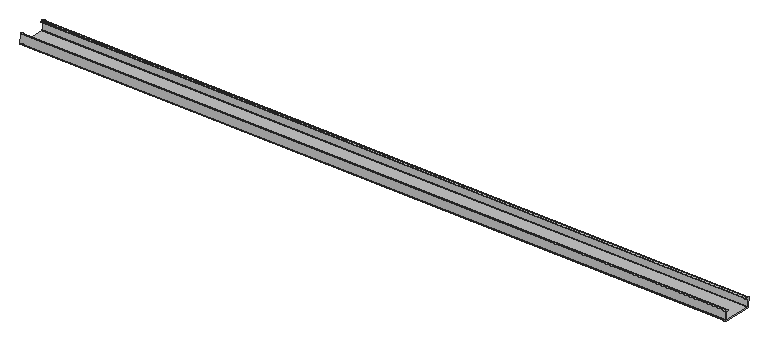
Revit family "Specialty_Equipment-Metal_Raceway-Hubbell_Wiring-Single_Channel_Base-HBL4750B", category Specialty Equipment, host Face, Revit 2015
Parameters (values of type "HBL4750B10GY - Gray")
  URL = "http://www.hubbell-wiring.com/"
  Product data url = "https://bimobject.com/hubbellwiring/product/hubbell-metal-raceway-hbl4750"
  Product Page URL = "http://ecatalog.hubbell-wiring.com/ProductInformation/ViewCatalog.aspx?Dest=hubbell-wiring.com/press/catalog/o.pdf&Page=21"
  Product Documentation Link = "http://www.hubbell-wiring.com/press/pdfs/h5233r08.pdf"
  Number of Segments [instance] = roundup(Length / 10' 0")  # 1
  Model = "HBL4750B10GY"
  Manufacturer = "Hubbell-Wiring"  # constant formula
  Length Note [instance] = "Available in 10 foot Segments"  # constant formula
  Length [instance] = 10' - 0"
  Host Note = "Add in Plan View; Host to Wall"  # constant formula
  Description = "Single Channel Base"  # constant formula
  Default Elevation = 0' - 0"
  Cable Tray Material = Metal-Hubbell-Gray Powder Coat
  Assembly Code = "D5090900"
Types (2): name | Model | Cable Tray Material
  HBL4750B10GY - Gray | "HBL4750B10GY" | Metal-Hubbell-Gray Powder Coat
  HBL4750B10IV - Ivory | "HBL4750B10IV" | Metal-Hubbell-Ivory Powder Coat
Reference planes (in)
  plane 1 "Center (Front/Back)": y = 0
  plane 2: z = 0
  plane 3 "Left": x = 0
  plane 4 "Right": x = 120
  plane 5: z = 1.61513
  plane 6: y = 2.375
  plane 7: y = -2.375
Forms (in)
  Extrusion 1, solid, material "Metal-Hubbell-Gray Powder Coat" <- "Cable Tray Material"
    sketch origin (0, 0, 0) x (0, 1, 0) y (0, 0, 1)
      loop
        arc (2.375, 1.49918) -> (2.31804, 1.5973) -> (2.20458, 1.5965) r 0.113
        line (2.20458, 1.5965) -> (2.00104, 1.47641) -> (2.02797, 1.43077) -> (2.23651, 1.5538)
        arc (2.23651, 1.5538) -> (2.29675, 1.55423) -> (2.327, 1.50213) r 0.06
        line (2.327, 1.50213) -> (2.327, 0.113)
        arc (2.327, 0.113) -> (2.30943, 0.07057) -> (2.267, 0.053) r 0.06
        line (2.267, 0.053) -> (-2.267, 0.053)
        arc (-2.267, 0.053) -> (-2.30943, 0.07057) -> (-2.327, 0.113) r 0.06
        line (-2.327, 0.113) -> (-2.327, 1.50213)
        arc (-2.327, 1.50213) -> (-2.29675, 1.55423) -> (-2.23651, 1.5538) r 0.06
        line (-2.23651, 1.5538) -> (-2.02797, 1.43077) -> (-2.00104, 1.47641) -> (-2.20458, 1.5965)
        arc (-2.20458, 1.5965) -> (-2.31804, 1.5973) -> (-2.375, 1.49918) r 0.113
        line (-2.375, 1.49918) -> (-2.375, 0.113)
        arc (-2.375, 0.113) -> (-2.3419, 0.0331) -> (-2.262, 0) r 0.113
        line (-2.262, 0) -> (2.262, 0)
        arc (2.262, 0) -> (2.3419, 0.0331) -> (2.375, 0.113) r 0.113
        line (2.375, 0.113) -> (2.375, 1.49918)
    from 0 to 120
Lines and regions (in)
  Masking region 1
    outline origin (0, 0, 0) x (1, 0, 0) y (0, 0, 1)
      loop
        line (0, 1.61513) -> (0, 0) -> (120, 0) -> (120, 1.61513) -> (0, 1.61513)
  model lines
    curve 1: line (0, -0.95122, 0.053) -> (0, -1.09006, 0.053)
    curve 2: line (0, -1.09006, 0.053) -> (0, -1.07239, 0.053)
    curve 3: line (0, -1.07239, 0.053) -> (0, -1.09394, 0.053)
    curve 4: line (0, -1.09394, 0.053) -> (0, -1.02562, 0.053)
    curve 5: line (0, -1.04392, 0.053) -> (0, -0.9806, 0.053)
    curve 6: line (0, -0.9806, 0.053) -> (0, -1.00275, 0.053)
    curve 7: line (0, -0.99027, 0.053) -> (0, -1.02562, 0.053)
    curve 8: line (0, -1.03606, 0.053) -> (0, -1.00973, 0.053)
    curve 9: line (0, -1.02562, 0.053) -> (0, -1.08878, 0.053)
    curve 10: line (0, -1.08271, 0.053) -> (0, -0.96994, 0.053)
    curve 11: line (0, -0.96994, 0.053) -> (0, -1.04392, 0.053)
    curve 12: line (0, -1.04392, 0.053) -> (0, -1.01938, 0.053)
    curve 13: line (0, -1.01938, 0.053) -> (0, -1.04392, 0.053)
    curve 14: line (0, -1.04392, 0.053) -> (0, -0.97321, 0.053)
    curve 15: line (0, -0.97321, 0.053) -> (0, -1.01938, 0.053)
    curve 16: line (0, -1.01938, 0.053) -> (0, -1.04392, 0.053)
    curve 17: line (0, -1.04392, 0.053) -> (0, -1.08878, 0.053)
    curve 18: line (0, -1.135, 0.053) -> (0, -0.87963, 0.053)
    curve 19: line (0, -0.87963, 0.053) -> (0, -1.145, 0.053)
    curve 20: line (0, -1.145, 0.053) -> (0, -0.895, 0.053)
    curve 21: line (0, -0.895, 0.053) -> (0, -1.125, 0.053)
    curve 22: line (0, -1.125, 0.053) -> (0, -0.92606, 0.053)
    curve 23: line (0, -0.92606, 0.053) -> (0, -1.00973, 0.053)
    curve 24: line (0, -1.00275, 0.053) -> (0, -1.02562, 0.053)
    curve 25: line (0, -1.02562, 0.053) -> (0, -1.04392, 0.053)
    curve 26: line (0, -1.04392, 0.053) -> (0, -0.99837, 0.053)
    curve 27: line (0, -0.99837, 0.053) -> (0, -1.01564, 0.053)
    curve 28: line (0, -1.02562, 0.053) -> (0, -0.92606, 0.053)
    curve 29: line (0, -0.92606, 0.053) -> (0, -1.00275, 0.053)
    curve 30: line (0, -0.99837, 0.053) -> (0, -0.94994, 0.053)
    curve 31: line (0, -0.94994, 0.053) -> (0, -0.97321, 0.053)
    curve 32: line (0, -0.97321, 0.053) -> (0, -1.00275, 0.053)
    curve 33: line (0, -1.01314, 0.053) -> (0, -0.99027, 0.053)
    curve 34: line (0, -1.00741, 0.053) -> (0, -0.99027, 0.053)
    curve 35: line (0, -0.98062, 0.053) -> (0, -1.00275, 0.053)
    curve 36: line (0, -0.99027, 0.053) -> (0, -0.97321, 0.053)
    curve 37: line (0, -0.97321, 0.053) -> (0, -1.05938, 0.053)
    curve 38: line (0, -1.05938, 0.053) -> (0, -1.03199, 0.053)
    curve 39: line (0, -1.02562, 0.053) -> (0, -1.04392, 0.053)
    curve 40: line (0, -1.04392, 0.053) -> (0, -1.06467, 0.053)
    curve 41: line (0, -1.06467, 0.053) -> (0, -0.95122, 0.053)
    curve 42: line (0, -0.95122, 0.053) -> (0, -0.99027, 0.053)
    curve 43: line (0, -0.99027, 0.053) -> (0, -0.97321, 0.053)
    curve 44: line (0, -0.97321, 0.053) -> (0, -1.04392, 0.053)
    curve 45: line (0, -1.04392, 0.053) -> (0, -0.99027, 0.053)
    curve 46: line (0, -0.97321, 0.053) -> (0, -1.00275, 0.053)
    curve 47: line (0, -0.99027, 0.053) -> (0, -1.01938, 0.053)
    curve 48: line (0, -1.01938, 0.053) -> (0, -0.97321, 0.053)
    curve 49: line (0, -0.96994, 0.053) -> (0, -1.1015, 0.053)
    curve 50: line (0, -1.1015, 0.053) -> (0, -0.92606, 0.053)
    curve 51: line (0, -0.92606, 0.053) -> (0, -1.01938, 0.053)
    curve 52: line (0, -1.02562, 0.053) -> (0, -0.97321, 0.053)
    curve 53: line (0, -0.97321, 0.053) -> (0, -1.04392, 0.053)
    curve 54: line (0, -1.04392, 0.053) -> (0, -1.02562, 0.053)
    curve 55: line (0, -1.02562, 0.053) -> (0, -0.97321, 0.053)
    curve 56: line (0, -0.97321, 0.053) -> (0, -1.00973, 0.053)
    curve 57: line (0, -1.02562, 0.053) -> (0, -1.04392, 0.053)
    curve 58: line (0, -1.04392, 0.053) -> (0, -1.02562, 0.053)
    curve 59: line (0, -1.05006, 0.053) -> (0, -1.02562, 0.053)
    curve 60: line (0, -0.99027, 0.053) -> (0, -0.97321, 0.053)
    curve 61: line (0, -1.02562, 0.053) -> (0, -0.97321, 0.053)
    curve 62: line (0, -0.97321, 0.053) -> (0, -1.02562, 0.053)
  symbolic lines, detail levels fine
    curve 63: line (0, 0, 1.47641) -> (120, 0, 1.47641)
    curve 64: line (0, 0, 1.43077) -> (120, 0, 1.43077)
  symbolic lines, detail levels medium+fine
    curve 65: line (120, 0, 0.053) -> (0, 0, 0.053)
    curve 66: line (0, 0, 1.56213) -> (120, 0, 1.56213)
Dimensions and locks (in)
  "Length": plane 3 "Left" to plane 4 "Right"
  locked: plane 5 to host face at 1.61513
  locked: plane 1 "Center (Front/Back)" to Extrusion 1 at 2.00104
  equal spacing: plane 6, plane 1 "Center (Front/Back)", plane 7, locked at 2.375 each
  locked: plane 6 to plane 7 at 4.75
  aligned and locked: host face to plane 2
  aligned and locked: level to host face
  aligned and locked: plane 4 "Right" to Extrusion 1
  aligned and locked: Extrusion 1 to level
  aligned and locked: Masking region 1 sketch curve to Extrusion 1  (x2)
  aligned and locked: plane 3 "Left" to Masking region 1 sketch curve
  aligned and locked: plane 5 to Masking region 1 sketch curve
  aligned and locked: curve 63 to Extrusion 1
  aligned and locked: curve 64 to Extrusion 1
  aligned and locked: curve 65 to Extrusion 1
  aligned and locked: curve 66 to Extrusion 1
  aligned and locked: Extrusion 1 sketch curve to plane 6
  aligned and locked: plane 7 to Extrusion 1 sketch curve
Automatic sketch dimensions
  host sketch curve to host sketch curve = 14' - 7.87322"
  host sketch curve to host sketch curve = 8' - 0"
  curve 20 to curve 19 = 0' - 0"  (x2)
  curve 19 to curve 18 = 0' - 0.01"
  curve 18 to curve 22 = 0' - 0.01"
  curve 21 to curve 22 = 0' - 0"
  curve 21 to curve 50 = 0' - 0.0235"
  curve 49 to curve 50 = 0' - 0"
  curve 49 to curve 3 = 0' - 0.00756"
  curve 4 to curve 3 = 0' - 0"
  curve 4 to curve 2 = 0' - 0.00388"
  curve 1 to curve 2 = 0' - 0"
  curve 1 to curve 17 = 0' - 0.00129"
  curve 9 to curve 17 = 0' - 0"
  curve 9 to curve 10 = 0' - 0.00607"
  curve 10 to curve 2 = 0' - 0.01032"
  curve 3 to curve 2 = 0' - 0"  (x2)
  curve 3 to curve 41 = 0' - 0.00771"
  curve 40 to curve 41 = 0' - 0"
  curve 40 to curve 38 = 0' - 0.00529"
  curve 37 to curve 38 = 0' - 0"
  curve 37 to curve 59 = 0' - 0.00932"
  curve 59 to curve 40 = 0' - 0.00614"
  curve 54 to curve 8 = 0' - 0.00786"
  curve 8 to curve 38 = 0' - 0.00407"
  curve 38 to curve 59 = 0' - 0.00637"
  curve 9 to curve 12 = 0' - 0.00624"
  curve 48 to curve 27 = 0' - 0.00374"
  curve 27 to curve 33 = 0' - 0.0025"
  curve 33 to curve 56 = 0' - 0.00341"
  curve 8 to curve 34 = 0' - 0.00232"
  curve 34 to curve 35 = 0' - 0.00466"
  curve 29 to curve 26 = 0' - 0.00438"
  curve 30 to curve 60 = 0' - 0.0081"
  curve 7 to curve 35 = 0' - 0.00965"
  curve 35 to curve 6 = 0' - 0"
  curve 5 to curve 6 = 0' - 0"
  curve 6 to curve 56 = 0' - 0.00739"
  curve 37 to curve 10 = 0' - 0.00327"
  curve 49 to curve 10 = 0' - 0"  (x2)
  curve 11 to curve 10 = 0' - 0"
  curve 49 to curve 42 = 0' - 0.01872"
  curve 41 to curve 42 = 0' - 0"
  curve 1 to curve 41 = 0' - 0"
  curve 42 to curve 31 = 0' - 0.00129"
  curve 30 to curve 31 = 0' - 0"
  curve 30 to curve 23 = 0' - 0.02388"
  curve 22 to curve 23 = 0' - 0"
  curve 51 to curve 22 = 0' - 0"
  curve 50 to curve 22 = 0' - 0"
  curve 29 to curve 51 = 0' - 0"
  curve 28 to curve 23 = 0' - 0"
  curve 29 to curve 20 = 0' - 0.03106"
  curve 21 to curve 20 = 0' - 0"  (x2)
  curve 20 to curve 19 = 0' - 0.01537"
  curve 18 to curve 19 = 0' - 0"
  curve 1 to curve 42 = 0' - 0"
  curve 2 to curve 1 = 0' - 0"
  curve 9 to curve 10 = 0' - 0"
  curve 18 to curve 3 = 0' - 0"
  curve 19 to curve 18 = 0' - 0"
  curve 22 to curve 21 = 0' - 0"
  curve 38 to curve 37 = 0' - 0"
  curve 41 to curve 40 = 0' - 0"
  curve 50 to curve 49 = 0' - 0"
  Extrusion 1 sketch curve to Extrusion 1 sketch curve = 0' - 0.03049"  (x2)
  Extrusion 1 sketch curve to Extrusion 1 sketch curve = 0' - 0.03193"  (x2)
  curve 64 to plane 3 "Left" = 0' - 0"
  curve 65 to plane 3 "Left" = 0' - 0"
  curve 63 to plane 3 "Left" = 0' - 0"
  curve 65 to plane 4 "Right" = 0' - 0"
  curve 64 to plane 4 "Right" = 0' - 0"
  curve 66 to plane 4 "Right" = 0' - 0"
  curve 63 to plane 4 "Right" = 0' - 0"
  level to curve 65 = 0' - 0.053"
  curve 65 to curve 64 = 0' - 1.37777"
  curve 64 to curve 63 = 0' - 0.04565"
  curve 63 to curve 66 = 0' - 0.08571"
  level to curve 20 = 0' - 0.053"
  plane 1 "Center (Front/Back)" to curve 20 = 0' - 1.145"
  curve 66 to plane 3 "Left" = 0' - 0"
  Extrusion 1 sketch curve to Extrusion 1 sketch curve = 0' - 0.005"  (x4)
  Extrusion 1 sketch curve to Extrusion 1 sketch curve = 0' - 0"  (x2)
  Extrusion 1 sketch curve to Extrusion 1 sketch curve = 0' - 0.00295"  (x2)
  Extrusion 1 sketch curve to level = 0' - 0"
  Extrusion 1 sketch curve to Extrusion 1 sketch curve = 0' - 0.20854"
  level to Extrusion 1 sketch curve = 0' - 1.47641"
  Extrusion 1 sketch curve to Extrusion 1 sketch curve = 0' - 0.02693"  (x2)
  Extrusion 1 sketch curve to plane 1 "Center (Front/Back)" = 0' - 2.00104"
  level to Extrusion 1 sketch curve = 0' - 1.43077"
  level to Extrusion 1 sketch curve = 0' - 1.5965"
  Extrusion 1 sketch curve to plane 7 = 0' - 0.048"
  Extrusion 1 sketch curve to plane 7 = 0' - 0.113"
  Extrusion 1 sketch curve to Extrusion 1 sketch curve = 0' - 0.065"
  plane 6 to Extrusion 1 sketch curve = 0' - 0.113"
